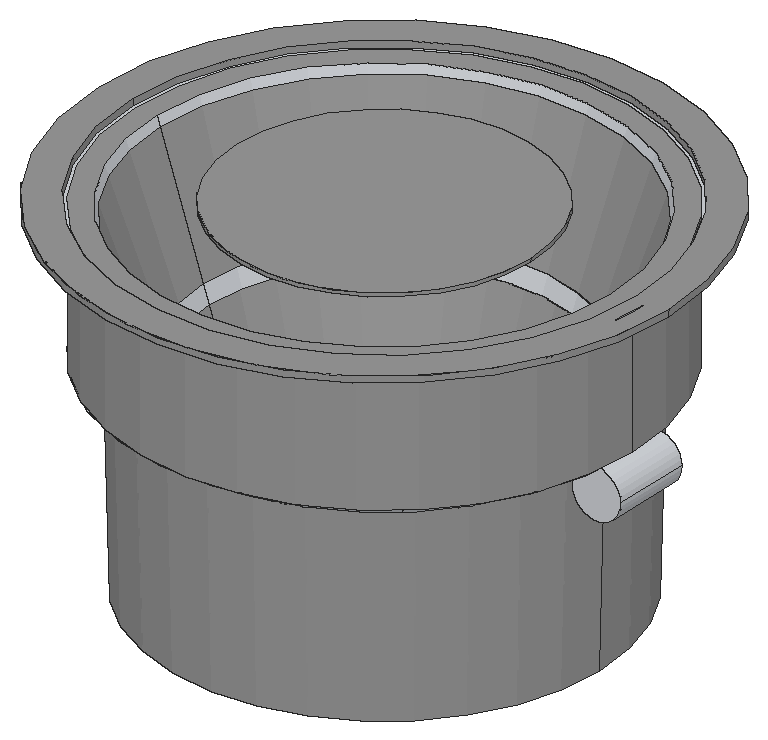
Revit family "2070228", category Lighting Fixtures, host Face, Revit 2018
Family settings
  Host = Face
  Round Connector Dimension = Use Diameter
  Part Type = Normal
  OmniClass Number = 23.80.70.00
  OmniClass Title = Lighting
  Cut with Voids When Loaded = No
  Light Source = Yes
  Shared = No
  Room Calculation Point = No
Parameters (values of type "2070228 SOLST 150 1300LM 940  DALI GB")
  Weight = "n/a"
  Wattage Comments = ""
  Wattage = 9.2903 W
  WarrantyStartDate [instance] = "n/a"
  WarrantyGuarantorParts = "n/a"
  WarrantyDurationUnit = "n/a"
  WarrantyDurationParts = ""
  WarrantyDescription = "http://www.sylvania-lighting.com"
  built-in parameter 1150110 = 1 (stored number, unit not read)
  Voltage = 0 V
  URL = "0.98"
  TypeName = "Solstice 150 1300lm 940  DALI GB"
  Type Image = <None>
  Type Comments = "n/a"
  built-in parameter 1114217 = 1 (stored number, unit not read)
  Tilt Angle = -90.00°
  built-in parameter 1150109 = 1 (stored number, unit not read)
  built-in parameter 1150134 = 3
  built-in parameter 1150113 = 1 (stored number, unit not read)
  SerialNumber [instance] = "n/a"
  Photometric Web File = "2070228.IES"
  Material_3_SYL = none
  PowerFactor = 0
  PowerConsumption = "Lighting"
  NominalLength = 165 mm
  NominalHeight = 45 mm
  NominalDepth = 165 mm
  Name = "Solstice 150 1300lm 940  DALI GB"
  ModelReference = Name  # "Solstice 150 1300lm 940  DALI GB"
  ModelNumber = "2070228"
  Model = Name  # "Solstice 150 1300lm 940  DALI GB"
  Material = "Feilo Sylvania"
  ManufacturerName = "87 lm/W"
  Manufacturer = ""
  LuminousEfficacy = ""
  built-in parameter 1150105 = 109.82 (stored number, unit not read)
  Lumens = 1380 lm
  LuminaireType = "0"
  built-in parameter 1150115 = 1 (stored number, unit not read)
  LightOutputRatio = "LED"
  built-in parameter 1150137 = (empty or 0)
  built-in parameter 1150139 = (empty or 0)
  LampsType = Lamp  # "n/a"
  LampNominalLuminous = "4000 K"
  LampMacAdamStep = "90"
  LampColourTemperature = "LED"
  LampColourRenderingIndex = "16500"
  built-in parameter 1150112 = 1 (stored number, unit not read)
  built-in parameter 1150114 = 1 (stored number, unit not read)
  Lamp = "n/a"
  Keynote = "n/a"
  InstallationDate [instance] = "n/a"
  InputVoltage = "0"
  InputNominalFrequency = "4000"
  built-in parameter 1150132 = (empty or 0)
  built-in parameter 1150102 = (empty or 0)
  built-in parameter 1150107 = 3200 (stored number, unit not read)
  built-in parameter 1150138 = (empty or 0)
  IngressProtection = "IfcLightFixtureType"
  ImpactProtectionIndex = "IfcLightFixtureType"
  built-in parameter 1150106 = 1.0982 (stored number, unit not read)
  IfcExportType = "IfcLightFixtureType"
  IfcExportAs = "Class II"
  Emit from Circle Diameter = 609.6 mm
  Emit Shape Visible in Rendering = no
  ElectricShockClassification = "87"
  built-in parameter 1150104 = 13.8 (stored number, unit not read)
  DocumentationLiterature = "http://www.sylvania-lighting.com/product/en-int/products/2070228"
  DimmingControlOptions = "n/a"
  Material_2_SYL = none
  Dimming Lamp Color Temperature Shift = <None>
  Description = "The Solstice 150 1300lm 940 DALI GB is a high efficient DALI dimmable downlight luminaire, Colour rendering index Ra>90, Colour temperature: 4000K Neutral White, Class II, Protection rating IP40/IP20, Cut out dimensions: 150mm."
  Default Elevation = 1219.2 mm
  CreatedOn = "03/08/2023"
  CreatedBy = "@sylvania-lighting.com"
  Cost = 0
  Color Filter = 16777215
  built-in parameter 1114216 [instance] = (empty or 0)
  ClassificationValue = "EF_70_80"
  ClassificationName = "Uniclass2015"
  Material_1_SYL = none
  BarCode [instance] = "n/a"
  built-in parameter 1114218 = 1 (stored number, unit not read)
  built-in parameter 1150133 = 10 (stored number, unit not read)
  AssetType = "Fixed"
  AssetIdentifier [instance] = "n/a"
  Assembly Code = "D5020200"
  Apparent Load = 15 VA
  Material_4_SYL = none
Reference planes
  plane 1 "Center (Front/Back)": y = 0
  plane 2: z = 0
  plane 3 "Center (Left/Right)": x = 0
  plane 4: x = -82.5
  plane 5: x = 82.5
  plane 6: y = 82.5
  plane 7: y = -82.5
  plane 8: y = 75
  plane 9: y = -75
  plane 10: y = 73
  plane 11: y = -73
  plane 12: x = 73
  plane 13: x = 75
  plane 14: x = 66
  plane 15: z = 3.8
  plane 16: x = -66.957
  plane 17: x = -66
  plane 18: z = -43.942
  plane 19: x = 66.001
  plane 20: x = 64.013
  plane 21: x = -64
  plane 22: z = -45.791
  plane 23: x = 69.732
Forms (mm)
  Extrusion 1, void
    sketch origin (0, 0, 0) x (1, 0, 0) y (0, 1, 0)
      loop
        circle (0, 0) r 75
    from -93.856 to 21.107
  Blend 2, solid, material "Aluminum"
    base sketch origin (0, 0, 0) x (1, 0, 0) y (0, 1, 0)
      loop
        circle (0, 0) r 82.5
    top sketch origin (0, 0, 0) x (1, 0, 0) y (0, 1, 0)
      loop
        circle (0, 0) r 82.5
    from 0 to 1.8
  Extrusion 3, void
    sketch origin (0, 0, 0) x (1, 0, 0) y (0, 1, 0)
      loop
        circle (0, 0) r 73
    from 0 to 1.8
  Blend 4, solid, material "Aluminum"
    base sketch origin (0, 0, 0) x (1, 0, 0) y (0, 1, 0)
      loop
        circle (0, 0) r 72
    top sketch origin (0, 0, 0) x (1, 0, 0) y (0, 1, 0)
      loop
        circle (0, 0) r 72
    from -38.989 to 0
  Blend 5, solid
    base sketch origin (0, 0, 0) x (1, 0, 0) y (0, 1, 0)
      loop
        circle (0, 0) r 75
    top sketch origin (0, 0, 0) x (1, 0, 0) y (0, 1, 0)
      loop
        circle (0, 0) r 72
    from 0 to -2.5
  Blend 6, solid
    base sketch origin (0, 0, 0) x (1, 0, 0) y (0, 1, 0)
      loop
        circle (0, 0) r 64
    top sketch origin (0, 0, 0) x (1, 0, 0) y (0, 1, 0)
      loop
        circle (0, 0) r 72
    from -43.942 to -38.989
  Blend 7, solid, material "Aluminum"
    base sketch origin (0, 0, 0) x (1, 0, 0) y (0, 1, 0)
      loop
        circle (0, 0) r 62.5
    top sketch origin (0, 0, 0) x (1, 0, 0) y (0, 1, 0)
      loop
        circle (0, 0) r 64
    from -98.977 to -43.942
  Blend 8, void
    base sketch origin (0, 1219.2, 38) x (1, 0, 0) y (0, 1, 0)
      loop
        circle (0, -1219.2) r 66.5
    top sketch origin (0, 1219.2, 38) x (1, 0, 0) y (0, 1, 0)
      loop
        circle (0, -1219.2) r 42.5
    from -36.2 to -106.2
  Extrusion 9, solid, material "Glass, White, High Luminance", detail levels fine
    sketch origin (0, 0, 0) x (1, 0, 0) y (0, 1, 0)
      loop
        circle (0, 0) r 42.5
    from 0 to 1
  Extrusion 10, solid
    sketch origin (0, 0, 0) x (1, 0, 0) y (0, 0, 1)
      loop
        circle (70.068, -45.791) r 7
    from -11.421 to 10.579
Cuts and joins
  Extrusion 3 cuts Blend 2
  Blend 8 cuts Blend 5
  Extrusion 3, Blend 8 cuts Blend 4
  Blend 8 cuts Blend 6
  Blend 8 cuts Blend 7
Dimensions and locks
  "NominalLength": plane 4 to plane 5
  equal spacing: plane 4, plane 3 "Center (Left/Right)", plane 5
  "NominalDepth": plane 6 to plane 7
  equal spacing: plane 6, plane 1 "Center (Front/Back)", plane 7
  aligned and locked: plane 2 to host face
  aligned and locked: level to host face
Automatic sketch dimensions
  host sketch curve to host sketch curve = 2438.4 mm  (x2)
  plane 1 "Center (Front/Back)" to Extrusion 1 sketch curve = 0 mm
  Extrusion 1 sketch curve to plane 3 "Center (Left/Right)" = 0 mm
  plane 1 "Center (Front/Back)" to Blend 2 sketch curve = 0 mm  (x2)
  Blend 2 sketch curve to plane 3 "Center (Left/Right)" = 0 mm  (x2)
  plane 1 "Center (Front/Back)" to Extrusion 3 sketch curve = 0 mm
  Extrusion 3 sketch curve to plane 3 "Center (Left/Right)" = 0 mm
  plane 1 "Center (Front/Back)" to Blend 4 sketch curve = 0 mm  (x2)
  Blend 4 sketch curve to plane 3 "Center (Left/Right)" = 0 mm  (x2)
  plane 1 "Center (Front/Back)" to Blend 5 sketch curve = 0 mm  (x2)
  Blend 5 sketch curve to plane 3 "Center (Left/Right)" = 0 mm  (x2)
  plane 1 "Center (Front/Back)" to Blend 6 sketch curve = 0 mm  (x2)
  Blend 6 sketch curve to plane 3 "Center (Left/Right)" = 0 mm  (x2)
  plane 1 "Center (Front/Back)" to Blend 7 sketch curve = 0 mm  (x2)
  Blend 7 sketch curve to plane 3 "Center (Left/Right)" = 0 mm  (x2)
  plane 1 "Center (Front/Back)" to Blend 8 sketch curve = 0 mm  (x2)
  Blend 8 sketch curve to plane 3 "Center (Left/Right)" = 0 mm  (x2)
  plane 1 "Center (Front/Back)" to Extrusion 9 sketch curve = 0 mm
  Extrusion 9 sketch curve to plane 3 "Center (Left/Right)" = 0 mm
  plane 12 to Extrusion 10 sketch curve = 2.932 mm
  Extrusion 10 sketch curve to plane 18 = 1.849 mm
  radius of Extrusion 1 sketch curve = 75 mm
  radius of Blend 2 sketch curve = 82.5 mm  (x2)
  radius of Extrusion 3 sketch curve = 73 mm
  radius of Blend 4 sketch curve = 72 mm  (x2)
  radius of Blend 5 sketch curve = 75 mm
  radius of Blend 5 sketch curve = 72 mm
  radius of Blend 6 sketch curve = 64 mm
  radius of Blend 6 sketch curve = 72 mm
  radius of Blend 7 sketch curve = 62.5 mm
  radius of Blend 7 sketch curve = 64 mm
  radius of Blend 8 sketch curve = 66.5 mm
  radius of Blend 8 sketch curve = 42.5 mm
  radius of Extrusion 9 sketch curve = 42.5 mm
  radius of Extrusion 10 sketch curve = 7 mm
Connectors
  electrical at (0, 0, 0), driven by "Apparent Load", driven by "PowerFactor", driven by "Voltage"
    settings: index 1, voltage 0 V, apparent load 15 VA, apparent load phase1 0 VA, apparent load phase2 0 VA, apparent load phase3 0 VA, power factor 0, load classification "Lighting", number of poles 1, system type 30, power factor state 1, is connector primary yes, connector utility no, sub classification motor no, connector description ""
